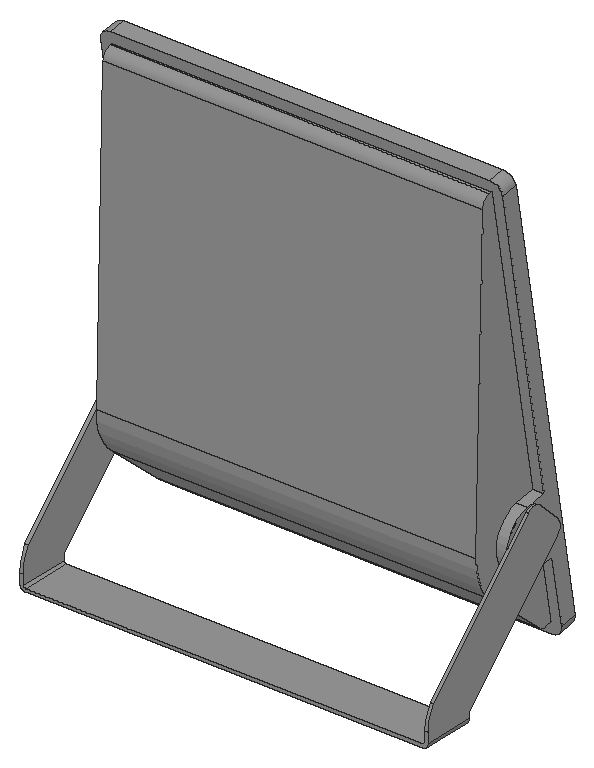
Revit family "0048212", category Lighting Fixtures, host Face, Revit 2017
Family settings
  Host = Face
  Round Connector Dimension = Use Diameter
  Part Type = Normal
  OmniClass Number = 23.80.70.00
  OmniClass Title = Lighting
  Cut with Voids When Loaded = No
  Light Source = No
  Shared = No
  Room Calculation Point = No
Parameters (values of type "0048212 Start Flood IP66 27500lm 740 WB")
  WingRadius_SYL = 10 mm
  WingLength_SYL = if([50W_SYL], 100 mm, if([100W_SYL], 142 mm, if([150W_SYL], 142 mm, if([200W_SYL], 150 mm, 170 mm))))  # 150 mm
  WidthBracket_SYL = 45 mm
  Weight = "6.2 kg"
  Wattage Comments = ""
  WarrantyStartDate [instance] = "n/a"
  WarrantyGuarantorParts = "n/a"
  WarrantyDurationUnit = "n/a"
  WarrantyDurationParts = "n/a"
  WarrantyDescription = "n/a"
  Voltage = 230 V
  URL = "http://www.sylvania-lighting.com"
  TypeName = "Start Flood IP66 27500lm 740 WB"
  TypeHead_SYL = START Flood IP66 200W luminaire : 0048212 Start Flood IP66 27500lm 740 WB
  Type Image = <None>
  Type Comments = "n/a"
  ThicknessBracket_SYL = 3 mm
  SerialNumber [instance] = "n/a"
  RotationAngle_SYL [instance] = -100.00°
  RadiusOutBracket_SYL = 5 mm
  RadiusInBracket_SYL = 2 mm
  Material_3_SYL = none
  PowerFactor = 0.98
  PowerConsumption = "199 W"
  NominalLength = 494 mm
  NominalHeight = 395 mm
  NominalDepth = 87 mm
  Name = "Start Flood IP66 27500lm 740 WB"
  ModelReference = Name  # "Start Flood IP66 27500lm 740 WB"
  ModelNumber = "0048212"
  Model = Name  # "Start Flood IP66 27500lm 740 WB"
  Material = "n/a"
  ManufacturerName = "Feilo Sylvania"
  Manufacturer = "Feilo Sylvania"
  LuminousEfficacy = "143 lm/W"
  LuminaireType = ""
  LightOutputRatio = "n/a"
  LengthIn_SYL = if([50W_SYL], 210 mm, if([100W_SYL], 300 mm, if([150W_SYL], 295 mm, if([200W_SYL], 360 mm, 430 mm))))  # 360 mm
  LampsType = Lamp  # "LED"
  LampNominalLuminous = "28604 lm"
  LampMacAdamStep = "n/a"
  LampColourTemperature = "4000 K"
  LampColourRenderingIndex = "70"
  Lamp = "LED"
  Keynote = "16500"
  InstallationDate [instance] = "n/a"
  InputVoltage = "n/a"
  InputNominalFrequency = "n/a"
  IngressProtection = "IP66"
  ImpactProtectionIndex = "IK08"
  IfcExportType = "IfcLightFixtureType"
  IfcExportAs = "IfcLightFixtureType"
  EndAngle_SYL [instance] = RotationAngle_SYL + 180.00°  # 80.00°
  ElectricShockClassification = "Class I"
  DocumentationLiterature = "http://www.sylvania-lighting.com/product/en-int/products/0048212"
  DimmingControlOptions = "n/a"
  Material_2_SYL = none
  Description = ""
  Default Elevation = 1219.2 mm
  CreatedOn = "2/1/2019"
  CreatedBy = "@sylvania-lighting.com"
  Cost = 0
  built-in parameter 1114216 [instance] = (empty or 0)
  ClassificationValue = "EF_70_80"
  ClassificationName = "Uniclass2015"
  Material_1_SYL = Steel, Paint Finish, Dark Gray, Matte
  BarCode [instance] = "n/a"
  AxisOffsetWingEnd_SYL = WidthBracket_SYL / 2  # 22.5 mm
  AxisHeight_SYL = sin(45.00°) * WingLength_SYL  # 106.066 mm
  AxisDepth_SYL = cos(45.00°) * (WingLength_SYL - tan(45.00°) * AxisOffsetWingEnd_SYL - AxisOffsetWingEnd_SYL)  # 74.246 mm
  AssetType = "Fixed"
  AssetIdentifier [instance] = "n/a"
  Assembly Code = "D5020200"
  Apparent Load = 200 VA
  Material_4_SYL = none
  50W_SYL = no
  200W_SYL = yes
  150W_SYL = no
  100W_SYL = no
Reference planes
  plane 1 "Center (Front/Back)": y = 0
  plane 2: z = 0
  plane 3 "Center (Left/Right)": x = 0
  plane 4: x = 183
  plane 5: x = -183
  plane 6: x = 180
  plane 7: x = -180
  plane 8: z = 10
  plane 9: y = 22.5
  plane 10: y = -22.5
  plane 11: z = 3
  plane 12: z = 116.066
  plane 13: y = 96.746
Forms (mm)
  Extrusion 1, solid, material "Steel, Paint Finish, Dark Gray, Matte" <- "Material_1_SYL"
    sketch origin (0, 0, 0) x (1, 0, 0) y (0, 0, 1)
      loop
        arc (178, 0) -> (181.536, 1.464) -> (183, 5) r 5
        line (183, 5) -> (183, 10) -> (180, 10) -> (180, 5)
        arc (180, 5) -> (179.414, 3.586) -> (178, 3) r 2
        line (178, 3) -> (-178, 3)
        arc (-178, 3) -> (-179.414, 3.586) -> (-180, 5) r 2
        line (-180, 5) -> (-180, 10) -> (-183, 10) -> (-183, 5)
        arc (-183, 5) -> (-181.536, 1.464) -> (-178, 0) r 5
        line (-178, 0) -> (178, 0)
    from -22.5 to 22.5
  Extrusion 2, solid, material "Steel, Paint Finish, Dark Gray, Matte" <- "Material_1_SYL"
    sketch origin (180, -4572, 2609.058) x (0, 0, 1) y (0, -1, 0)
      loop
        line (-2599.058, -4594.5) -> (-2500.063, -4693.495)
        arc (-2500.063, -4693.495) -> (-2492.992, -4696.424) -> (-2485.921, -4693.495) r 10
        line (-2485.921, -4693.495) -> (-2468.243, -4675.817)
        arc (-2468.243, -4675.817) -> (-2465.314, -4668.746) -> (-2468.243, -4661.675) r 10
        line (-2468.243, -4661.675) -> (-2574.561, -4555.358)
        arc (-2574.561, -4555.358) -> (-2584.325, -4550.994) -> (-2594.916, -4549.5) r 38.295
        line (-2594.916, -4549.5) -> (-2599.058, -4549.5) -> (-2599.058, -4594.5)
    from 0 to 3
  Extrusion 3, solid, material "Steel, Paint Finish, Dark Gray, Matte" <- "Material_1_SYL"
    sketch origin (-183, -4572, 2609.058) x (0, 0, 1) y (0, -1, 0)
      loop
        arc (-2500.063, -4693.495) -> (-2492.992, -4696.424) -> (-2485.921, -4693.495) r 10
        line (-2485.921, -4693.495) -> (-2468.243, -4675.817)
        arc (-2468.243, -4675.817) -> (-2465.314, -4668.746) -> (-2468.243, -4661.675) r 10
        line (-2468.243, -4661.675) -> (-2574.561, -4555.358)
        arc (-2574.561, -4555.358) -> (-2584.325, -4550.994) -> (-2594.916, -4549.5) r 38.295
        line (-2594.916, -4549.5) -> (-2604.058, -4549.5) -> (-2604.058, -4594.5) -> (-2599.058, -4594.5) -> (-2500.063, -4693.495)
    from 0 to 3
  Revolve 4, solid, not visible
    sketch origin (1223.4, -4572, 116.066) x (0, -1, 0) y (1, 0, 0)
      loop
        line (-4668.746, -1223.4) -> (-4683.746, -1223.4) -> (-4683.746, -1273.4) -> (-4668.746, -1273.4) -> (-4668.746, -1223.4)
      axis (-4668.746, -1223.4) -> (-4668.746, -1273.4)
    angle from -100 <- "RotationAngle_SYL" to 80 <- "EndAngle_SYL"
Cuts and joins
  joined: Extrusion 1, Extrusion 2, Extrusion 3
Lines and regions (mm)
  reference lines
    curve 1: line (0, 22.5, 10) -> (0, 174.528, 162.028)
    curve 2: line (0, 131.244, 182.383) -> (0, -22.5, 28.64)
    curve 3: line (0, 96.746, 147.886) -> (0, 128.566, 116.066)
    curve 4: line (-183, 4.393, 23.713) -> (-183, 172.635, 191.954)
    curve 5: line (0, 80.836, 131.976) -> (0, 112.656, 100.156)
Dimensions and locks
  locked: plane 8 to plane 2 at 10
  equal spacing: plane 10, plane 1 "Center (Front/Back)", plane 9
  "WidthBracket_SYL": plane 10 to plane 9
  "WidthBracket_SYL": curve 1 to curve 2
  "ThicknessBracket_SYL": plane 11 to plane 2
  "WingLength_SYL": curve 1 to curve 3
  level to Extrusion 1 = 10 mm
  equal spacing: plane 6, plane 3 "Center (Left/Right)", plane 7
  "LengthIn_SYL": plane 6 to plane 7
  equal spacing: plane 4, plane 3 "Center (Left/Right)", plane 5
  "ThicknessBracket_SYL": plane 7 to plane 5
  equal spacing: curve 1, curve 4, curve 2
  "AxisOffsetWingEnd_SYL": curve 3 to curve 5
  "AxisHeight_SYL": plane 12 to plane 8
  "AxisDepth_SYL": plane 9 to plane 13
  "RadiusInBracket_SYL": radius of Extrusion 1 sketch curve  (x2)
  "RadiusOutBracket_SYL": radius of Extrusion 1 sketch curve  (x2)
  "WingRadius_SYL": radius of Extrusion 2 sketch curve  (x2)
  locked: plane 8 to curve 1 (angle 45.00°)
  locked: plane 8 to curve 2 (angle 45.00°)
  aligned and locked: plane 2 to host face
  aligned and locked: level to host face
  aligned and locked: plane 9 to curve 1
  aligned and locked: plane 8 to curve 1
  aligned and locked: plane 10 to curve 2
  aligned and locked: plane 5 to Extrusion 1 sketch curve
  aligned and locked: plane 8 to Extrusion 1 sketch curve  (x2)
  aligned and locked: Extrusion 1 sketch curve to plane 7
  aligned and locked: plane 11 to Extrusion 1 sketch curve
  aligned and locked: plane 6 to Extrusion 1 sketch curve
  aligned and locked: Extrusion 1 sketch curve to plane 4
  aligned and locked: Extrusion 1 to plane 9
  aligned and locked: plane 10 to Extrusion 1
  aligned and locked: Extrusion 2 sketch curve to curve 1
  aligned and locked: curve 2 to Extrusion 2 sketch curve
  aligned and locked: plane 10 to Extrusion 2 sketch curve
  aligned and locked: Extrusion 2 sketch curve to Extrusion 1
  aligned and locked: plane 4 to Extrusion 2
  aligned and locked: Extrusion 2 to plane 6
  aligned and locked: plane 7 to Extrusion 3
  aligned and locked: Extrusion 3 to plane 5
  aligned and locked: cut or joined group of Extrusion 1, Extrusion 2, Extrusion 3 to curve 5  (x2)
  aligned and locked: Revolve 4 sketch curve to plane 13  (x2)
  aligned and locked: Revolve 4 sketch curve to curve 3
  aligned and locked: curve 2 to plane 3 "Center (Left/Right)"
  aligned and locked: nested 1 to plane 3 "Center (Left/Right)"
  aligned and locked: plane 3 "Center (Left/Right)" to nested 1
  aligned and locked: Extrusion 3 sketch curve to cut or joined group of Extrusion 1, Extrusion 2, Extrusion 3  (x5)
  aligned and locked: cut or joined group of Extrusion 1, Extrusion 2, Extrusion 3 to Extrusion 3 sketch curve
Automatic sketch dimensions
  host sketch curve to host sketch curve = 2438.4 mm  (x2)
  curve 4 to plane 1 "Center (Front/Back)" = 4.393 mm
  curve 4 to plane 9 = 150.135 mm
  Revolve 4 sketch curve to Revolve 4 sketch curve = 15 mm
  Revolve 4 sketch curve to plane 3 "Center (Left/Right)" = 50 mm
  Revolve 4 sketch curve to plane 5 = 1316.635 mm
  plane 4 to Revolve 4 sketch curve = 1441.773 mm
  Extrusion 3 sketch curve to plane 10 = 5.858 mm
  plane 12 to Extrusion 3 sketch curve = 7.071 mm
  Extrusion 3 sketch curve to plane 12 = 7.071 mm
  Extrusion 3 sketch curve to Extrusion 3 sketch curve = 7.071 mm
  plane 13 to Extrusion 3 sketch curve = 7.071 mm
  Extrusion 1 sketch curve to Extrusion 1 sketch curve = 0 mm  (x2)
  plane 12 to Extrusion 2 sketch curve = 0 mm
  Extrusion 2 sketch curve to plane 13 = 0 mm
  Extrusion 2 sketch curve to Extrusion 2 sketch curve = 4.142 mm
  Extrusion 2 sketch curve to plane 10 = 5.858 mm
  plane 12 to Extrusion 2 sketch curve = 7.071 mm
  Extrusion 2 sketch curve to plane 12 = 7.071 mm
  plane 13 to Extrusion 2 sketch curve = 7.071 mm
  Extrusion 2 sketch curve to plane 13 = 7.071 mm
Nested families
  nested 1: "START Flood IP66 200W luminaire" at (0, 96.746, 116.066) x (-1, 0, 0) z (0, 0.9848, 0.1736), type <- "TypeHead_SYL", type "0048212 Start Flood IP66 27500lm 740 WB"
    with built-in parameter 1114216 (empty or 0), Apparent Load 200 VA
Connectors
  electrical at (4.2, 0, 0), driven by "Voltage", driven by "Apparent Load", driven by "PowerFactor"
    settings: on host face, index 1, voltage 230 V, apparent load 200 VA, apparent load phase1 0 VA, apparent load phase2 0 VA, apparent load phase3 0 VA, power factor 0.98, load classification "Other", number of poles 1, system type 30, power factor state 1, is connector primary yes, connector utility no, sub classification motor no, connector description ""
Definition of nested family "START Flood IP66 200W luminaire"
  Parameters (values of type "0048213 Start Flood IP66 27500lm 740 ASYM")
    WidthHead_SYL = if([50W_SYL], 210 mm, if([100W_SYL], 300 mm, if([150W_SYL], 295 mm, if([200W_SYL], 360 mm, 430 mm))))  # 360 mm
    Wattage Comments = "n/a"
    Wattage = 199 W
    built-in parameter 1150110 = 1 (stored number, unit not read)
    URL = "http://www.sylvania-lighting.com"
    Type Image = (empty or 0)
    Type Comments = "n/a"
    built-in parameter 1114217 = 1 (stored number, unit not read)
    Tilt Angle = -90.00°
    built-in parameter 1150109 = 1 (stored number, unit not read)
    built-in parameter 1150134 = 12
    built-in parameter 1150113 = 1 (stored number, unit not read)
    ScreenThickness_SYL = 14.5 mm  # constant formula
    ReflectorOffset_SYL = 12 mm  # constant formula
    ReflectorOffsetIn_SYL = RadiusReflectorFront_SYL  # 30 mm
    ReflectorHeight_SYL = if([50W_SYL], 145 mm, if([100W_SYL], 165 mm, if([150W_SYL], 210 mm, if([200W_SYL], 240 mm, 290 mm))))  # 240 mm
    RadiusReflectorIn_SYL = 5 mm  # constant formula
    RadiusReflectorFront_SYL = if([50W_SYL], 30 mm, if([100W_SYL], 30 mm, if([150W_SYL], 30 mm, if([200W_SYL], 30 mm, 35 mm))))  # 30 mm
    RadiusHinge_SYL = RadiusBack_SYL / 1.8  # 27.778 mm
    RadiusBack_SYL = if([50W_SYL], 31.3 mm, if([100W_SYL], 40 mm, if([150W_SYL], 40 mm, if([200W_SYL], 50 mm, 55 mm))))  # 50 mm
    Photometric Web File = "0048213.ies"
    OffsetBack_SYL = 10 mm  # constant formula
    Material_5_SYL = none
    Material_3_SYL = none
    Model = "Start Flood IP66 27500lm 740 ASYM"
    Manufacturer = "Feilo Sylvania"
    built-in parameter 1150105 = 14256.2 (stored number, unit not read)
    Lumens = 26865 lm
    built-in parameter 1150115 = 1 (stored number, unit not read)
    built-in parameter 1150137 = (empty or 0)
    built-in parameter 1150139 = (empty or 0)
    built-in parameter 1150112 = 1 (stored number, unit not read)
    built-in parameter 1150114 = 1 (stored number, unit not read)
    Lamp = "LED"
    Keynote = "16500"
    Material_2_SYL = none
    built-in parameter 1150132 = (empty or 0)
    built-in parameter 1150102 = (empty or 0)
    built-in parameter 1150107 = 4000 (stored number, unit not read)
    built-in parameter 1150138 = (empty or 0)
    built-in parameter 1150106 = 142.56 (stored number, unit not read)
    HeightHead_SYL = if([50W_SYL], 250 mm, if([100W_SYL], 320 mm, if([150W_SYL], 367 mm, if([200W_SYL], 400 mm, 470 mm))))  # 400 mm
    Emit from Rectangle Width = WidthHead_SYL - 4 mm - ReflectorOffset_SYL * 2 - ReflectorOffsetIn_SYL * 2  # 272 mm
    Emit from Rectangle Length = ReflectorHeight_SYL - ReflectorOffsetIn_SYL * 2  # 180 mm
    Emit Shape Visible in Rendering = no
    built-in parameter 1150104 = 12.542 (stored number, unit not read)
    Dimming Lamp Color Temperature Shift = (empty or 0)
    Description = ""
    Default Elevation = 1219.2 mm
    Cost = 0
    Color Filter = 16777215
    built-in parameter 1114216 [instance] = (empty or 0)
    Material_1_SYL = none
    Chamfer_SYL = if([50W_SYL], 15 mm, if([100W_SYL], 15 mm, if([150W_SYL], 15 mm, if([200W_SYL], 15 mm, 20 mm))))  # 15 mm
    built-in parameter 1114218 = 1 (stored number, unit not read)
    AxisOffsetBottom_SYL = if([50W_SYL], 68 mm, if([100W_SYL], 80 mm, if([150W_SYL], 92.2 mm, if([200W_SYL], 99.7 mm, 117 mm))))  # 99.7 mm
    AxisOffsetFront_SYL = if([50W_SYL], 28.4 mm, if([100W_SYL], 33.2 mm, if([150W_SYL], 33.2 mm, if([200W_SYL], 32.9 mm, 38.3 mm))))  # 32.9 mm
    built-in parameter 1150133 = 10 (stored number, unit not read)
    Assembly Code = "D5020200"
    Apparent Load = 199 VA
    Material_4_SYL = none
    50W_SYL = no
    200W_SYL = yes
    150W_SYL = no
    100W_SYL = no
  Types (2, lengths in mm): name | Photometric Web File | Model | built-in parameter 1150105 | Lumens | built-in parameter 1150106 | built-in parameter 1150104
    0048213 Start Flood IP66 27500lm 740 ASYM | "0048213.ies" | "Start Flood IP66 27500lm 740 ASYM" | 14256.2 (stored number, unit not read) | 26865 lm | 142.56 (stored number, unit not read) | 12.542 (stored number, unit not read)
    0048212 Start Flood IP66 27500lm 740 WB | "0048212.ies" | "Start Flood IP66 27500lm 740 WB" | 31865.5 (stored number, unit not read) | 28656 lm | 318.65 (stored number, unit not read) | 13.378 (stored number, unit not read)
  Reference planes
    plane 1 "Center (Front/Back)": y = 0
    plane 2: z = 0
    plane 3 "Center (Left/Right)": x = 0
    plane 4: x = 180
    plane 5: x = -180
    plane 6: y = -99.7
    plane 7: y = 300.3
    plane 8: z = 32.9
    plane 9: z = 18.4
    plane 10: y = 290.3
    plane 11: y = -89.7
    plane 12: x = -170
    plane 13: x = 170
    plane 14: x = -178
    plane 15: y = 298.3
    plane 16: x = 178
    plane 17: y = -97.7
    plane 18: y = 283.3
    plane 19: x = 163
    plane 20: x = -163
    plane 21: y = -82.7
    plane 22: z = 30.9
    plane 23: z = 8.4
    plane 24: x = -166
    plane 25: y = 286.3
    plane 26: x = 166
    plane 27: y = 46.3
    plane 28: x = -136
    plane 29: y = 76.3
    plane 30: x = 136
    plane 31: y = 256.3
    plane 32: y = 166.3
  Forms (mm)
    Extrusion 1, solid
      sketch origin (4.2, 0, 0) x (1, 0, 0) y (0, 1, 0)
        loop
          line (-1219.2, 1219.2) -> (-1219.2, -1219.2) -> (1219.2, -1219.2) -> (1219.2, 1219.2) -> (-1219.2, 1219.2)
      from 0 to -68.017
    Extrusion 2, solid, material <- "Material_1_SYL"
      sketch origin (0, 1219.2, 32.9) x (1, 0, 0) y (0, -1, 0)
        loop
          line (-170, 918.9) -> (170, 918.9)
          arc (170, 918.9) -> (177.071, 921.829) -> (180, 928.9) r 10
          line (180, 928.9) -> (180, 1308.9)
          arc (180, 1308.9) -> (177.071, 1315.971) -> (170, 1318.9) r 10
          line (170, 1318.9) -> (-170, 1318.9)
          arc (-170, 1318.9) -> (-177.071, 1315.971) -> (-180, 1308.9) r 10
          line (-180, 1308.9) -> (-180, 928.9)
          arc (-180, 928.9) -> (-177.071, 921.829) -> (-170, 918.9) r 10
      from 0 to 14.5
    Extrusion 3, void
      sketch origin (0, 1219.2, 32.9) x (1, 0, 0) y (0, -1, 0)
        loop
          line (-163, 920.9) -> (163, 920.9) -> (178, 935.9) -> (178, 1301.9) -> (163, 1316.9) -> (-163, 1316.9) -> (-178, 1301.9) -> (-178, 935.9) -> (-163, 920.9)
      from 0 to 2
    Blend 4, void
      base sketch origin (0, 1219.2, 30.9) x (0, -1, 0) y (1, 0, 0)
        loop
          arc (932.9, -136) -> (941.687, -157.213) -> (962.9, -166) r 30
          line (962.9, -166) -> (1142.9, -166)
          arc (1142.9, -166) -> (1164.113, -157.213) -> (1172.9, -136) r 30
          line (1172.9, -136) -> (1172.9, 136)
          arc (1172.9, 136) -> (1164.113, 157.213) -> (1142.9, 166) r 30
          line (1142.9, 166) -> (962.9, 166)
          arc (962.9, 166) -> (941.687, 157.213) -> (932.9, 136) r 30
          line (932.9, 136) -> (932.9, -136)
      top sketch origin (0, 1219.2, 30.9) x (0, -1, 0) y (1, 0, 0)
        loop
          arc (962.9, -133) -> (964.744, -135.183) -> (967.483, -136) r 5
          line (967.483, -136) -> (1137.9, -136)
          arc (1137.9, -136) -> (1141.436, -134.536) -> (1142.9, -131) r 5
          line (1142.9, -131) -> (1142.9, 131)
          arc (1142.9, 131) -> (1141.436, 134.536) -> (1137.9, 136) r 5
          line (1137.9, 136) -> (967.9, 136)
          arc (967.9, 136) -> (964.364, 134.536) -> (962.9, 131) r 5
          line (962.9, 131) -> (962.9, -133)
      from 0 to -22.5
    Extrusion 5, solid, material <- "Material_1_SYL"
      sketch origin (0, 0, 0) x (0, 1, 0) y (0, 0, 1)
        loop
          line (-89.7, 18.4) -> (-89.7, 13.172)
          arc (-89.7, 13.172) -> (-88.725, 8.865) -> (-85.991, 5.398) r 10
          line (-85.991, 5.398) -> (-33.861, -36.789)
          arc (-33.861, -36.789) -> (-12.912, -48.304) -> (10.987, -48.778) r 50
          line (10.987, -48.778) -> (282.306, 6.763)
          arc (282.306, 6.763) -> (288.048, 10.238) -> (290.3, 16.56) r 10
          line (290.3, 16.56) -> (290.3, 18.4) -> (-89.7, 18.4)
      from -170 to 170
    Extrusion 6, solid, material <- "Material_4_SYL"
      sketch origin (0, 1219.2, 30.9) x (1, 0, 0) y (0, -1, 0)
        loop
          line (163, 920.9) -> (178, 935.9) -> (178, 1301.9) -> (163, 1316.9) -> (-163, 1316.9) -> (-178, 1301.9) -> (-178, 935.9) -> (-163, 920.9) -> (163, 920.9)
      from -2 to 0
    Extrusion 7, solid, material <- "Material_1_SYL"
      sketch origin (0, 0, 0) x (0, 1, 0) y (0, 0, 1)
        loop
          arc (-27.778, 0) -> (0, -27.778) -> (27.778, 0) r 27.778
          line (27.778, 0) -> (27.778, 18.4) -> (-27.778, 18.4) -> (-27.778, 0)
      from -180 to 180
  Cuts and joins
    Extrusion 3, Blend 4 cuts Extrusion 2
    joined: Extrusion 2, Extrusion 5, Extrusion 7
  Lines and regions (mm)
    Split face 1
      outline origin (0, 1219.2, 32.9) x (1, 0, 0) y (0, 1, 0)
        loop
          arc (136, -1172.9) -> (157.213, -1164.113) -> (166, -1142.9) r 30
          line (166, -1142.9) -> (166, -962.9)
          arc (166, -962.9) -> (157.213, -941.687) -> (136, -932.9) r 30
          line (136, -932.9) -> (-136, -932.9)
          arc (-136, -932.9) -> (-157.213, -941.687) -> (-166, -962.9) r 30
          line (-166, -962.9) -> (-166, -1142.9)
          arc (-166, -1142.9) -> (-157.213, -1164.113) -> (-136, -1172.9) r 30
          line (-136, -1172.9) -> (136, -1172.9)
    reference lines
      curve 1: circle (0, 0, 0) r 50 normal (1, 0, 0)
      curve 2: line (-136, 286.3, 32.9) -> (136, 286.3, 32.9)
      curve 3: line (-166, 76.3, 32.9) -> (-166, 256.3, 32.9)
      curve 4: line (136, 46.3, 32.9) -> (-136, 46.3, 32.9)
      curve 5: line (166, 256.3, 32.9) -> (166, 76.3, 32.9)
      curve 6: arc (-136, 286.3, 32.9) -> (-157.213, 277.513, 32.9) -> (-166, 256.3, 32.9) r 30
      curve 7: arc (136, 286.3, 32.9) -> (157.213, 277.513, 32.9) -> (166, 256.3, 32.9) r 30
      curve 8: arc (-166, 76.3, 32.9) -> (-157.213, 55.087, 32.9) -> (-136, 46.3, 32.9) r 30
      curve 9: arc (136, 46.3, 32.9) -> (157.213, 55.087, 32.9) -> (166, 76.3, 32.9) r 30
      curve 10: line (-133, 256.3, 32.9) -> (131, 256.3, 32.9)
      curve 11: line (-136, 81.3, 32.9) -> (-136, 251.717, 32.9)
      curve 12: line (131, 76.3, 32.9) -> (-131, 76.3, 32.9)
      curve 13: line (136, 251.3, 32.9) -> (136, 81.3, 32.9)
      curve 14: arc (-133, 256.3, 32.9) -> (-135.183, 254.456, 32.9) -> (-136, 251.717, 32.9) r 5
      curve 15: arc (-131, 76.3, 32.9) -> (-134.536, 77.764, 32.9) -> (-136, 81.3, 32.9) r 5
      curve 16: arc (136, 81.3, 32.9) -> (134.536, 77.764, 32.9) -> (131, 76.3, 32.9) r 5
      curve 17: arc (131, 256.3, 32.9) -> (134.536, 254.836, 32.9) -> (136, 251.3, 32.9) r 5
      curve 18: circle (0, 0, 0) r 27.778 normal (1, 0, 0)
  Dimensions and locks
    equal spacing: plane 4, plane 3 "Center (Left/Right)", plane 5
    "WidthHead_SYL": plane 4 to plane 5
    "AxisOffsetBottom_SYL": plane 6 to plane 1 "Center (Front/Back)"
    "HeightHead_SYL": plane 6 to plane 7
    "AxisOffsetFront_SYL": plane 8 to plane 2
    "ScreenThickness_SYL": plane 9 to plane 8
    equal spacing: plane 12, plane 3 "Center (Left/Right)", plane 13
    "OffsetBack_SYL": plane 5 to plane 12
    "OffsetBack_SYL": plane 10 to plane 7
    "OffsetBack_SYL": plane 6 to plane 11
    locked: plane 6 to plane 17 at 2
    locked: plane 16 to plane 4 at 2
    locked: plane 5 to plane 14 at 2
    locked: plane 15 to plane 7 at 2
    "Chamfer_SYL": plane 19 to plane 16
    "Chamfer_SYL": plane 14 to plane 20
    "Chamfer_SYL": plane 18 to plane 15
    locked: plane 22 to plane 8 at 2
    "Chamfer_SYL": plane 17 to plane 21
    locked: plane 23 to plane 9 at 10
    equal spacing: plane 24, plane 3 "Center (Left/Right)", plane 26
    "ReflectorOffset_SYL": plane 25 to plane 15
    "ReflectorHeight_SYL": plane 27 to plane 25
    "ReflectorOffset_SYL": plane 14 to plane 24
    "ReflectorOffsetIn_SYL": plane 31 to plane 25
    "ReflectorOffsetIn_SYL": plane 24 to plane 28
    "ReflectorOffsetIn_SYL": plane 27 to plane 29
    "ReflectorOffsetIn_SYL": plane 30 to plane 26
    level to Extrusion 7 = 18.4 mm
    equal spacing: plane 29, plane 32, plane 31
    "RadiusBack_SYL": radius of curve 1
    "OffsetBack_SYL": radius of Extrusion 2 sketch curve  (x4)
    "RadiusReflectorFront_SYL": radius of curve 6
    "RadiusReflectorFront_SYL": radius of curve 8
    "RadiusReflectorFront_SYL": radius of curve 9
    "RadiusReflectorFront_SYL": radius of curve 7
    "RadiusReflectorIn_SYL": radius of curve 14
    "RadiusReflectorIn_SYL": radius of curve 15
    "RadiusReflectorIn_SYL": radius of curve 16
    "RadiusReflectorIn_SYL": radius of curve 17
    radius of Extrusion 5 sketch curve = 10 mm  (x2)
    "RadiusHinge_SYL": radius of curve 18
    aligned and locked: plane 2 to Extrusion 1
    aligned and locked: level to Extrusion 1
    aligned and locked: Extrusion 2 sketch curve to plane 7
    aligned and locked: plane 12 to Extrusion 2 sketch curve  (x2)
    aligned and locked: plane 13 to Extrusion 2 sketch curve  (x2)
    aligned and locked: plane 10 to Extrusion 2 sketch curve
    aligned and locked: plane 11 to Extrusion 2 sketch curve  (x2)
    aligned and locked: plane 9 to Extrusion 2
    aligned and locked: Extrusion 2 to plane 8
    aligned and locked: plane 20 to Extrusion 3 sketch curve
    aligned and locked: plane 18 to Extrusion 3 sketch curve
    aligned and locked: plane 14 to Extrusion 3 sketch curve
    aligned and locked: plane 17 to Extrusion 3 sketch curve
    aligned and locked: Extrusion 3 sketch curve to plane 16
    aligned and locked: plane 19 to Extrusion 3 sketch curve
    aligned and locked: plane 15 to Extrusion 3 sketch curve
    aligned and locked: plane 22 to Extrusion 3
    aligned and locked: Extrusion 3 to plane 8
    aligned and locked: curve 2 to plane 25
    aligned and locked: curve 3 to plane 24
    aligned and locked: plane 27 to curve 4
    aligned and locked: plane 26 to curve 5
    aligned and locked: curve 10 to plane 31
    aligned and locked: curve 11 to plane 28
    aligned and locked: plane 29 to curve 12
    aligned and locked: plane 30 to curve 13
    aligned and locked: Blend 4 sketch curve to curve 6
    aligned and locked: Blend 4 sketch curve to curve 8
    aligned and locked: Blend 4 sketch curve to curve 9
    aligned and locked: Blend 4 sketch curve to curve 7
    aligned and locked: Blend 4 sketch curve to curve 10
    aligned and locked: Blend 4 sketch curve to curve 17
    aligned and locked: Blend 4 sketch curve to curve 16
    aligned and locked: Blend 4 sketch curve to curve 15
    aligned and locked: Blend 4 sketch curve to curve 14
    aligned and locked: Blend 4 to plane 22
    aligned and locked: Extrusion 5 sketch curve to curve 1
    aligned and locked: Extrusion 5 to plane 12
    aligned and locked: plane 13 to Extrusion 5
    aligned and locked: plane 23 to Blend 4
    aligned and locked: Extrusion 6 sketch curve to cut or joined group of Extrusion 2, Extrusion 3, Blend 4, Extrusion 5, Extrusion 7  (x8)
    aligned and locked: plane 22 to Extrusion 6
    aligned and locked: Extrusion 6 to plane 8
    aligned and locked: Split face 1 sketch curve to cut or joined group of Extrusion 2, Extrusion 3, Blend 4, Extrusion 5, Extrusion 7  (x4)
    aligned and locked: Extrusion 7 sketch curve to curve 18
    aligned and locked: plane 9 to Extrusion 7 sketch curve  (x2)
    aligned and locked: plane 4 to Extrusion 7
    aligned and locked: Extrusion 7 to plane 5
    aligned and locked: plane 3 "Center (Left/Right)" to imposter light
    aligned and locked: plane 32 to imposter light
    aligned and locked: imposter light to plane 8
  Automatic sketch dimensions
    Extrusion 1 sketch curve to Extrusion 1 sketch curve = 2438.4 mm  (x2)
    Extrusion 3 sketch curve to plane 20 = 0 mm
    Extrusion 3 sketch curve to plane 19 = 0 mm
    plane 21 to Extrusion 3 sketch curve = 0 mm  (x2)
    plane 18 to Extrusion 3 sketch curve = 0 mm
    plane 28 to curve 10 = 3 mm
    plane 23 to Extrusion 5 sketch curve = 3.002 mm
    plane 18 to Extrusion 5 sketch curve = 0.994 mm
    Extrusion 5 sketch curve to plane 11 = 0 mm
    Extrusion 5 sketch curve to plane 10 = 0 mm
    plane 9 to Extrusion 5 sketch curve = 0 mm
    Extrusion 5 sketch curve to plane 11 = 3.709 mm
    plane 1 "Center (Front/Back)" to Extrusion 5 sketch curve = 33.861 mm
    Extrusion 5 sketch curve to plane 1 "Center (Front/Back)" = 10.987 mm
    plane 23 to Extrusion 5 sketch curve = 1.637 mm
    curve 1 to curve 18 = 0 mm  (x2)
    curve 18 to level = 0 mm
    curve 18 to plane 1 "Center (Front/Back)" = 0 mm
    Extrusion 7 sketch curve to level = 0 mm
